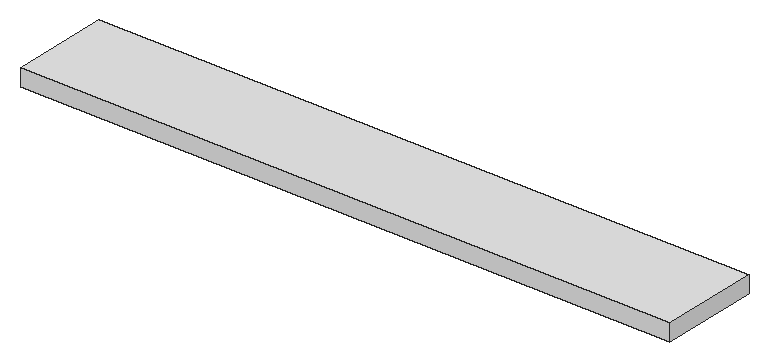
Revit family "Versatex_Generic Model_6-4” x 8” TRIMBOARD", category Generic Models, host Face, Revit 2022
Family settings
  Host = Face
  Can host rebar = No
  Round Connector Dimension = Use Diameter
  Part Type = Normal
  Cut with Voids When Loaded = No
  Maintain Annotation Orientation = No
  Shared = No
  Room Calculation Point = No
Parameters
  Model = "TBSM/TR640818"
  Length = 4' - 0"
  Warranty = "https://versatex.com/warranty/"
  URL = "https://versatex.com/"
  Specification = "https://www.arcat.com/company/versatex-45716/spec?coid=45716"
  Sales Information = "https://versatex.com/dealer-locator/"
  Message Manufacturer = "https://versatex.com/contact/"
  Material = Versatex PVC - Smooth
  Manufacturer Website = "https://versatex.com/"
  Manufacturer Phone = "724-857-1111"
  Manufacturer Fax = "724-857-1171"
  Manufacturer Address = "400 Steel Street, Aliquippa, PA 15001"
  Manufacturer = "Versatex"
  Literature = "https://versatex.com/literature/?_sft_literature_category=cads"
  Description = "NOMINAL 6/4” x 8” TRIMBOARD"
  Default Elevation = 4' - 0"
  Copyright = "© 2024 VERSATEX Building Products, LLC"
Reference planes (in)
  plane 1 "Center (Front/Back)": y = 0
  plane 2: z = 0
  plane 3 "Center (Left/Right)": x = 0
  plane 4: x = 24
  plane 5: x = -24
Forms (in)
  Sweep 1, solid, material "Versatex PVC - Smooth" <- "Material"
    path origin (0, 0, 0) x (1, 0, 0) y (0, 1, 0)
      loop
        line (-24, 0) -> (24, 0)
    profile "Versatex_Profile_6-4” x 8” TRIMBOARD : Versatex_Profile_6-4” x 8” TRIMBOARD" origin (0, 0, 0) x (0, 1, 0) y (0, 0, 1)
      loop
        line (0, 0) -> (7.25, 0) -> (7.25, 1.25) -> (0, 1.25) -> (0, 0)
Dimensions and locks (in)
  "Length": plane 5 to plane 4
  equal spacing: plane 5, plane 3 "Center (Left/Right)", plane 4, locked at 24 each
  aligned and locked: plane 2 to host face
  aligned and locked: level to host face
Automatic sketch dimensions
  host sketch curve to host sketch curve = 8' - 0"  (x2)
  plane 1 "Center (Front/Back)" to Sweep 1 sketch curve = 0' - 0"
  Sweep 1 sketch curve to plane 5 = 0' - 0"
  Sweep 1 sketch curve to plane 4 = 0' - 0"
